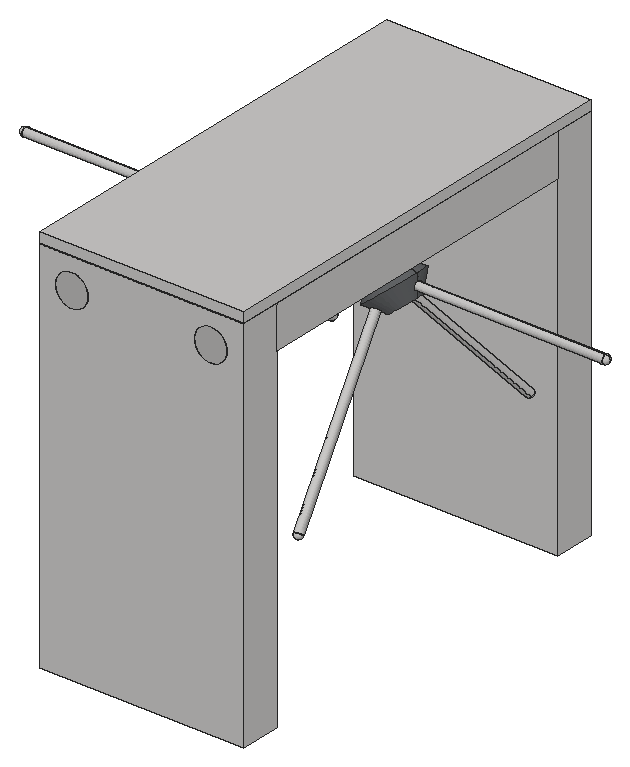
Revit family "CAME_Турникет_Трипод_TWISTER_700Сдвоенный", category Специальное оборудование, Revit 2019
Family settings
  Размер круглого соединителя = Использовать диаметр
  Тип детали = Нормальный
  На основе рабочей плоскости = Нет
  Всегда вертикально = Да
  При загрузке вырезать с полостями = Нет
  Общий = Нет
  Точка расчета площади = Нет
Parameters
  Описание = "Турникет тумбовый моторизованный TWISTER 700 двухпроходный. Корпус и преграды из нержавеющей стали AISI 304. Оснащен платой управления и светодиодными указателями прохода. Стержни-барьеры с электродоводкой. Автоматическая разблокировка при аварийном отключении электроэнергии. Встроенный блок питания."
  Минимальная ширина проема = 1530 mm  # constant formula
  Изготовитель = "CAME"  # constant formula
  Группа модели = "Турникеты"
  Watermark [instance] = "Модели защищены уникальным кодом"
  URL = "https://camerussia.com"
  CAME_Тип механизма турникета = "моторизованный"  # constant formula
  CAME_Напряжение электропитания двигателя (В) = 24 V  # constant formula
  CAME_Максимальное количество проходов в минуту = "48"  # constant formula
  CAME_Класс защиты (IP) = "54"  # constant formula
  CAME_Интенсивность использования (%) = "ИНТЕНСИВНОЕ"  # constant formula
  CAME_Диапазон рабочих температур (°C) = "-20 ÷ +68"  # constant formula
  BL_Разработано = "support@bimlib.pro"  # constant formula
  BL_Email = "cru.info@came.com"  # constant formula
  BL_BIM library = "https://bimlib.pro/manufacturer/came/cf0b6efe-31e5-4ffa-b7ea-1d6fa84041d4/?tab=products"
  ADSK_Размер_Ширина = 1490 mm  # constant formula
  ADSK_Размер_Глубина = 1060 mm  # constant formula
  ADSK_Размер_Высота = 955 mm  # constant formula
  ADSK_Полная мощность = ADSK_Номинальная мощность / ADSK_Коэффициент мощности  # 25 VA
  ADSK_Обозначение = "ТУ 26.30.50-001-89603926-2021"  # constant formula
  ADSK_Номинальная мощность = 24 W  # constant formula
  ADSK_Напряжение = 230 V  # constant formula
  ADSK_Наименование краткое = "Турникет тумбовый TWISTER 700 сдвоенный"  # constant formula
  ADSK_Наименование = "Турникет тумбовый моторизованный TWISTER 700 сдвоенный"  # constant formula
  ADSK_Масса_Текст = ""
  ADSK_Масса = 0
  ADSK_Марка = "АРТ:001PST700END-01"  # constant formula
  ADSK_Коэффициент мощности = 0.96
  ADSK_Количество фаз = 1  # constant formula
  ADSK_Количество = 1  # constant formula
  ADSK_Код изделия = "Код КСР 26.30.50.119.61.2.07.09"  # constant formula
  ADSK_Классификация нагрузок = Прочее
  ADSK_Завод-изготовитель = "CAME"  # constant formula
  ADSK_Единица измерения = "шт."  # constant formula
  ADSK_Группирование = "TWISTER"  # constant formula
  ADSK_Версия семейства = "1.0"  # constant formula
  ADSK_Версия Revit = "2019"  # constant formula
  ADSK_URL страницы изделия = "https://camerussia.com/product/001pst700end-01/"
  ADSK_URL документации изделия = "https://camerussia.com/uploads/support/instructions/files/Инструкция%20STILE-TWISTER-SALOON.pdf"
Reference planes
  plane 1 "По центру (Вперед/Назад)": y = 0
  plane 2: z = 0
  plane 3 "По центру (Влево/Вправо)": x = 0
  plane 4: y = 530
  plane 5: y = -530
  plane 6: z = 955
  plane 7: x = 745
  plane 8: z = 705
  plane 9: x = 250
  plane 10: x = 765
  plane 11: z = 930
  plane 12: x = 105
  plane 13: x = -105
  plane 14: x = -250
  plane 15: x = -745
  plane 16: x = -765
  plane 17: y = 430
  plane 18: y = -430
Forms (mm)
  Extrusion 1, solid, material "CAME_Сталь_Нержавеющая_AISI 304", detail levels fine
    sketch origin (0, 0, 0) x (1, 0, 0) y (0, 0, 1)
      loop
        line (-105, 705) -> (105, 705) -> (250, 826.669) -> (250, 930) -> (-250, 930) -> (-250, 826.669) -> (-105, 705)
    from -430 to 430
  Extrusion 2, solid, material "CAME_Сталь_Нержавеющая_AISI 304", detail levels fine
    sketch origin (-126.098, -1524, 930) x (-1, 0, 0) y (0, -1, 0)
      loop
        line (123.902, -2054) -> (123.902, -994) -> (-376.098, -994) -> (-376.098, -2054) -> (123.902, -2054)
    from 1 to 25
  Extrusion 3, solid, material "CAME_Стекло_Закаленное_Черное", detail levels fine
    sketch origin (866.16, -530, 1200) x (1, 0, 0) y (0, 0, 1)
      loop
        circle (-696.16, -345) r 40
      loop
        circle (-1036.16, -345) r 40
    from 0 to 2
  Extrusion 4, solid, material "CAME_Стекло_Закаленное_Черное", detail levels fine
    sketch origin (-872.529, 530, 1200) x (-1, 0, 0) y (0, 0, 1)
      loop
        circle (-1042.529, -345) r 40
      loop
        circle (-702.529, -345) r 40
    from 0 to 2
  Extrusion 5, solid, material "CAME_Сталь_Нержавеющая_AISI 304", detail levels medium
    sketch origin (0, 0, 0) x (1, 0, 0) y (0, 0, 1)
      loop
        line (-105, 705) -> (105, 705) -> (250, 826.669) -> (250, 955) -> (-250, 955) -> (-250, 826.669) -> (-105, 705)
    from -430 to 430
  Extrusion 6, solid, material "CAME_Сталь_Нержавеющая_AISI 304", detail levels fine
    sketch origin (0, 0, 0) x (0, 1, 0) y (0, 0, 1)
      loop
        line (530, 0) -> (530, 930) -> (430, 930) -> (430, 0) -> (530, 0)
      loop
        line (-430, 930) -> (-530, 930) -> (-530, 0) -> (-430, 0) -> (-430, 930)
    from -250 to 250
  Extrusion 7, solid, material "CAME_Сталь_Нержавеющая_AISI 304", detail levels medium
    sketch origin (0, 0, 0) x (0, 1, 0) y (0, 0, 1)
      loop
        line (-530, 955) -> (-530, 0) -> (-430, 0) -> (-430, 955) -> (-530, 955)
      loop
        line (430, 955) -> (430, 0) -> (530, 0) -> (530, 955) -> (430, 955)
    from -250 to 250
  Extrusion 8, solid, material "CAME_Сталь_Нержавеющая_AISI 304", not visible, detail levels medium+fine
    sketch origin (0, 0, 0) x (1, 0, 0) y (0, 1, 0)
      loop
        circle (0, -530) r 10
    from 0 to 2
Cuts and joins
  joined: Extrusion 5, Extrusion 7
Lines and regions (mm)
  model lines, style "CAME", detail levels coarse
    curve 1: line (-250, 530, 0) -> (250, 530, 0)
    curve 2: line (-250, -530, 0) -> (-250, 530, 0)
    curve 3: line (250, -530, 0) -> (-250, -530, 0)
    curve 4: line (250, 530, 0) -> (250, -530, 0)
    curve 5: line (250, 0, 0) -> (745, 0, 0)
    curve 6: line (250, 0, 0) -> (310.777, 344.683, 0)
    curve 7: line (250, 0, 0) -> (310.777, -344.683, 0)
    curve 8: line (-250, 0, 0) -> (-745, 0, 0)
    curve 9: line (-250, 0, 0) -> (-310.777, 344.683, 0)
    curve 10: line (-250, 0, 0) -> (-310.777, -344.683, 0)
Dimensions and locks
  equal spacing: plane 5, plane 1 "По центру (Вперед/Назад)", plane 4
  "ADSK_Размер_Глубина": plane 5 to plane 4
  "ADSK_Размер_Высота": plane 6 to plane 2
  locked: plane 6 to plane 8 at 250
  locked: plane 3 "По центру (Влево/Вправо)" to plane 9 at 250
  locked: plane 6 to plane 11 at 25
  locked: plane 12 to plane 9 at 145
  locked: plane 6 to Extrusion 3 sketch curve at 100  (x2)
  locked: plane 9 to Extrusion 3 sketch curve at 80
  locked: plane 14 to plane 3 "По центру (Влево/Вправо)" at 250
  locked: plane 14 to plane 13 at 145
  equal spacing: plane 15, plane 3 "По центру (Влево/Вправо)", plane 7
  equal spacing: plane 16, plane 3 "По центру (Влево/Вправо)", plane 10
  "ADSK_Размер_Ширина": plane 15 to plane 7
  "Минимальная ширина проема": plane 16 to plane 10
  locked: plane 14 to Extrusion 3 sketch curve at 80
  locked: plane 4 to plane 17 at 100
  locked: plane 5 to plane 18 at 100
  locked: plane 8 to Extrusion 1 sketch curve (angle 40.00°)
  locked: Extrusion 5 sketch curve to plane 8 (angle 40.00°)
  locked: Extrusion 1 sketch curve to plane 8 (angle 40.00°)
  aligned and locked: level to plane 2
  aligned and locked: plane 9 to Extrusion 1 sketch curve
  aligned and locked: Extrusion 1 sketch curve to plane 8
  aligned and locked: plane 12 to Extrusion 1 sketch curve
  aligned and locked: plane 11 to Extrusion 1 sketch curve
  aligned and locked: Extrusion 2 sketch curve to Extrusion 1
  aligned and locked: plane 6 to Extrusion 2
  aligned and locked: Extrusion 4 sketch curve to Extrusion 3  (x4)
  aligned and locked: Extrusion 1 to Extrusion 5 sketch curve
  aligned and locked: Extrusion 5 sketch curve to Extrusion 1  (x2)
  aligned and locked: nested 1 to plane 1 "По центру (Вперед/Назад)"
  aligned and locked: plane 6 to Extrusion 5 sketch curve
  aligned and locked: plane 13 to Extrusion 5 sketch curve
  aligned and locked: Extrusion 5 sketch curve to plane 14
  aligned and locked: Extrusion 1 sketch curve to plane 14
  aligned and locked: plane 13 to Extrusion 1 sketch curve
  aligned and locked: plane 14 to Extrusion 2 sketch curve
  aligned and locked: plane 1 "По центру (Вперед/Назад)" to nested 2
  aligned and locked: plane 17 to Extrusion 1
  aligned and locked: plane 18 to Extrusion 1
  aligned and locked: plane 17 to Extrusion 5
  aligned and locked: plane 18 to Extrusion 5
  aligned and locked: Extrusion 6 sketch curve to plane 4
  aligned and locked: plane 17 to Extrusion 6 sketch curve
  aligned and locked: Extrusion 6 sketch curve to plane 18
  aligned and locked: plane 5 to Extrusion 6 sketch curve
  aligned and locked: Extrusion 6 sketch curve to plane 11
  aligned and locked: plane 11 to Extrusion 6 sketch curve
  aligned and locked: plane 2 to Extrusion 6 sketch curve
  aligned and locked: Extrusion 6 sketch curve to plane 2
  aligned and locked: plane 9 to Extrusion 6
  aligned and locked: plane 14 to Extrusion 6
  aligned and locked: Extrusion 7 sketch curve to plane 5
  aligned and locked: plane 18 to Extrusion 7 sketch curve
  aligned and locked: plane 17 to Extrusion 7 sketch curve
  aligned and locked: Extrusion 7 sketch curve to plane 4
  aligned and locked: Extrusion 7 sketch curve to plane 6  (x2)
  aligned and locked: plane 2 to Extrusion 7 sketch curve  (x2)
  aligned and locked: plane 9 to Extrusion 7
  aligned and locked: plane 14 to Extrusion 7
Automatic sketch dimensions
  Extrusion 2 sketch curve to plane 4 = 0 mm
  plane 5 to Extrusion 2 sketch curve = 0 mm
  Extrusion 8 sketch curve to plane 3 "По центру (Влево/Вправо)" = 0 mm
  plane 5 to Extrusion 8 sketch curve = 0 mm
  curve 1 to plane 4 = 0 mm
  curve 3 to plane 14 = 0 mm
  curve 3 to plane 9 = 0 mm
  plane 5 to curve 4 = 0 mm
  plane 1 "По центру (Вперед/Назад)" to curve 5 = 0 mm
  curve 5 to plane 7 = 0 mm
  plane 9 to curve 6 = 60.777 mm
  curve 6 to plane 17 = 85.317 mm
  plane 9 to curve 7 = 60.777 mm
  curve 7 to plane 18 = 85.317 mm
  plane 1 "По центру (Вперед/Назад)" to curve 8 = 0 mm
  curve 8 to plane 15 = 0 mm
  plane 1 "По центру (Вперед/Назад)" to curve 9 = 0 mm
  plane 14 to curve 9 = 60.777 mm
  curve 9 to plane 17 = 85.317 mm
  plane 14 to curve 10 = 60.777 mm
  curve 10 to plane 18 = 85.317 mm
  radius of Extrusion 3 sketch curve = 40 mm  (x2)
  radius of Extrusion 8 sketch curve = 10 mm
Nested families
  nested 1: "CAME_Трипод" at (185.013, 0, 772.139) x (0.766, 0, 0.6428) z (0.6428, 0, -0.766), type "CAME_Трипод"
  nested 2: "CAME_Трипод" at (-185.013, 0, 772.139) x (-0.766, 0, 0.6428) z (-0.6428, 0, -0.766), type "CAME_Трипод"
Connectors
  electrical at (0, -530, 0), driven by "ADSK_Количество фаз", driven by "ADSK_Классификация нагрузок", driven by "ADSK_Напряжение", driven by "ADSK_Полная мощность", driven by "ADSK_Коэффициент мощности"
    settings: on Extrusion 8, index 1, voltage 230 V, apparent load 0 VA, apparent load phase1 25 VA, apparent load phase2 0 VA, apparent load phase3 0 VA, power factor 0.96, load classification "Прочее", number of poles 1, system type 31, power factor state 1, is connector primary yes, connector utility no, sub classification motor no, connector description ""
Definition of nested family "CAME_Трипод"
  Parameters (values of type "CAME_Трипод")
    Default Elevation = 1219.2 mm
    Материал крепления = none
    ADSK_Материал = none
  Reference planes
    plane 1 "По центру (Вперед/Назад)": y = 0
    plane 2: z = 0
    plane 3 "По центру (Влево/Вправо)": x = 0
    plane 4: z = 35
    plane 5 "A": through (0, 0, 1200) normal (-0.866, -0.5, 0)
    plane 6 "B": through (0, 0, 1200) normal (0.866, -0.5, 0)
  Forms (mm)
    Revolve 1, solid, material <- "ADSK_Материал", detail levels medium+fine
      sketch origin (0, 0, 0) x (1, 0, 0) y (0, 0, 1)
        loop
          line (62.5, 0) -> (73.667, 13.309) -> (38.314, 55.441) -> (0, 55.441) -> (0, 0) -> (62.5, 0)
        axis (0, 0) -> (0, 55.441)
      angle from 0 to 360
    Revolve 2, solid, material <- "ADSK_Материал", detail levels medium+fine
      sketch origin (0, 0, 0) x (1, 0, 0) y (0, 0, 1)
        loop
          line (47.835, 28.597) -> (54.238, 20.965) -> (414.279, 323.075) -> (407.876, 330.707) -> (47.835, 28.597)
        axis (47.835, 28.597) -> (407.876, 330.707)
      angle from 0 to 360
    Revolve 3, solid, material <- "ADSK_Материал", detail levels medium+fine
      sketch origin (0, 0, 1200) x (0.5, -0.866025, 0) y (0, 0, 1)
        loop
          line (-47.84, -1171.428) -> (-407.21, -869.88) -> (-414.308, -876.978) -> (-54.267, -1179.088) -> (-47.84, -1171.428)
        axis (-47.84, -1171.428) -> (-407.88, -869.318)
      angle from 0 to 360
    Revolve 4, solid, material <- "ADSK_Материал", detail levels medium+fine
      sketch origin (0, 0, 1200) x (0.5, 0.866025, 0) y (0, 0, 1)
        loop
          line (-40.179, -1177.856) -> (-407.21, -869.88) -> (-414.308, -876.978) -> (-46.607, -1185.516) -> (-40.179, -1177.856)
        axis (-40.179, -1177.856) -> (-407.88, -869.318)
      angle from 0 to 360
    Revolve 5, solid, material <- "ADSK_Материал", detail levels fine
      sketch origin (-27.75, -48.064, 35) x (-0.383022, -0.663414, 0.642788) y (-0.321394, -0.55667, -0.766044)
        loop
          line (460, 0) -> (470, 0)
          arc (470, 0) -> (467.071, 7.071) -> (460, 10) r 10
          line (460, 10) -> (460, 0)
        axis (460, 0) -> (470, 0)
      angle from 0 to 360
    Revolve 6, solid, material <- "ADSK_Материал", detail levels fine
      sketch origin (55.466, 0, 35) x (0.766044, 0, 0.642788) y (-0.642788, 0, 0.766044)
        loop
          arc (460.038, -9.962) -> (467.082, -7.044) -> (470, 0) r 9.962
          line (470, 0) -> (460.038, 0) -> (460.038, -9.962)
        axis (460.038, 0) -> (470, 0)
      angle from 0 to 360
    Revolve 7, solid, material <- "ADSK_Материал", detail levels fine
      sketch origin (-27.75, 48.064, 35) x (-0.383022, 0.663414, 0.642788) y (-0.321394, 0.55667, -0.766044)
        loop
          line (460, 0) -> (470, 0)
          arc (470, 0) -> (467.071, 7.071) -> (460, 10) r 10
          line (460, 10) -> (460, 0)
        axis (460, 0) -> (470, 0)
      angle from 0 to 360
  Cuts and joins
    joined: Revolve 1, Revolve 2, Revolve 3, Revolve 4
  Lines and regions (mm)
    reference lines
      curve 1: line (38.314, 0, 55.441) -> (73.667, 0, 13.309)
      curve 2: line (55.466, 0, 35) -> (488.281, 0, 398.175)
      curve 3: circle (0, 0, 35) r 55.5 normal (0, 0, 1)
      curve 4: line (-27.75, 48.064, 35) -> (-152.232, 263.674, 243.906)
      curve 5: line (-27.75, -48.064, 35) -> (-219.261, -379.771, 356.394)
  Dimensions and locks
    locked: plane 4 to plane 2 at 35
    locked: plane 1 "По центру (Вперед/Назад)" to plane 5 "A" (angle 120.00°)
    locked: plane 6 "B" to plane 1 "По центру (Вперед/Назад)" (angle 120.00°)
    angle curve 4 to plane 4 = 40.00°
    aligned and locked: level to plane 2
    aligned and locked: plane 3 "По центру (Влево/Вправо)" to Revolve 1 sketch curve
    aligned and locked: Revolve 1 sketch curve to Revolve 1 sketch curve
    aligned and locked: Revolve 2 sketch curve to curve 2
    aligned and locked: Revolve 3 sketch curve to curve 4
    aligned and locked: Revolve 4 sketch curve to curve 5
    aligned and locked: Revolve 5 sketch curve to curve 5
    aligned and locked: cut or joined group of Revolve 1, Revolve 2, Revolve 3, Revolve 4 to Revolve 5 sketch curve
    aligned and locked: curve 5 to Revolve 5 sketch curve
    aligned and locked: Revolve 6 sketch curve to curve 2
    aligned and locked: Revolve 6 sketch curve to cut or joined group of Revolve 1, Revolve 2, Revolve 3, Revolve 4
    aligned and locked: curve 2 to Revolve 6 sketch curve
    aligned and locked: Revolve 7 sketch curve to curve 4
    aligned and locked: curve 4 to Revolve 7 sketch curve
    aligned and locked: cut or joined group of Revolve 1, Revolve 2, Revolve 3, Revolve 4 to Revolve 7 sketch curve
